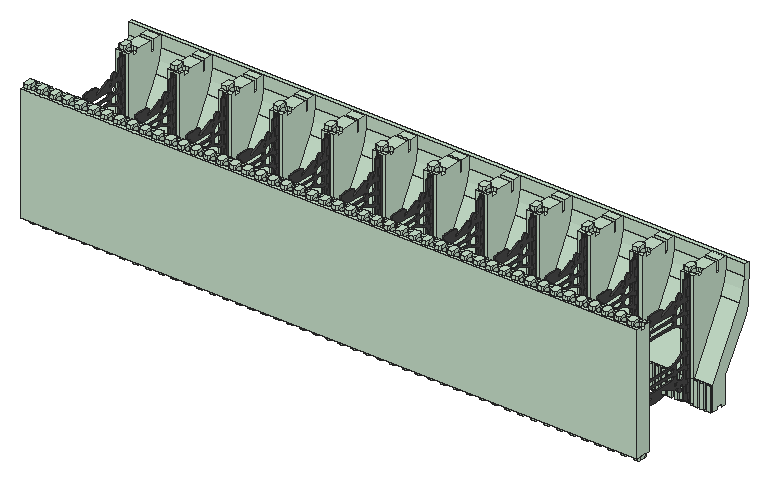
Revit family (continued)
Forms (mm)
  Extrusion 171, solid, material "NUDURA Expanded Polystyrene Foam Insulation"
    sketch origin (0, -0.084, 0) x (1, 0, 0) y (0, 1, 0)
      loop
        line (386.558, 76.2) -> (400.842, 76.2) -> (399.258, 82.55) -> (388.142, 82.55) -> (386.558, 76.2)
      loop
        line (361.158, 76.2) -> (375.442, 76.2) -> (373.858, 82.55) -> (362.742, 82.55) -> (361.158, 76.2)
      loop
        line (335.758, 76.2) -> (350.042, 76.2) -> (348.458, 82.55) -> (337.342, 82.55) -> (335.758, 76.2)
      loop
        line (259.558, 76.2) -> (273.842, 76.2) -> (272.258, 82.55) -> (261.142, 82.55) -> (259.558, 76.2)
      loop
        line (234.158, 76.2) -> (248.442, 76.2) -> (246.858, 82.55) -> (235.742, 82.55) -> (234.158, 76.2)
      loop
        line (208.758, 76.2) -> (223.042, 76.2) -> (221.458, 82.55) -> (210.342, 82.55) -> (208.758, 76.2)
      loop
        line (183.358, 76.2) -> (197.642, 76.2) -> (196.058, 82.55) -> (184.942, 82.55) -> (183.358, 76.2)
      loop
        line (157.958, 76.2) -> (172.242, 76.2) -> (170.658, 82.55) -> (159.542, 82.55) -> (157.958, 76.2)
      loop
        line (132.558, 76.2) -> (146.842, 76.2) -> (145.258, 82.55) -> (134.142, 82.55) -> (132.558, 76.2)
      loop
        line (56.358, 76.2) -> (70.642, 76.2) -> (69.058, 82.55) -> (57.942, 82.55) -> (56.358, 76.2)
      loop
        line (30.958, 76.2) -> (45.242, 76.2) -> (43.658, 82.55) -> (32.542, 82.55) -> (30.958, 76.2)
      loop
        line (5.558, 76.2) -> (19.842, 76.2) -> (18.258, 82.55) -> (7.142, 82.55) -> (5.558, 76.2)
    from 0 to 92.075
Cuts and joins
  Extrusion 2, Extrusion 3, Extrusion 4, Extrusion 5, Extrusion 6, Extrusion 7, Extrusion 8, Extrusion 9, Extrusion 10, Extrusion 11, Extrusion 12, Extrusion 13, Extrusion 14, Extrusion 15, Extrusion 16, Extrusion 17, Extrusion 18, Extrusion 19, Extrusion 20, Extrusion 21, Extrusion 22, Extrusion 23, Extrusion 24, Extrusion 25, Extrusion 26, Extrusion 27, Extrusion 28, Extrusion 29, Extrusion 30, Extrusion 31, Extrusion 32, Extrusion 33, Extrusion 34, Extrusion 35, Extrusion 36, Extrusion 37, Extrusion 38, Extrusion 39, Extrusion 40, Extrusion 41, Extrusion 42, Extrusion 43, Extrusion 44, Extrusion 45, Extrusion 46, Extrusion 47, Extrusion 48, Extrusion 49, Extrusion 62, Extrusion 63, Extrusion 64, Extrusion 65, Extrusion 66, Extrusion 67, Extrusion 68, Extrusion 69, Extrusion 70, Extrusion 71, Extrusion 72, Extrusion 73, Extrusion 74, Extrusion 75, Extrusion 76, Extrusion 77, Extrusion 78, Extrusion 79, Extrusion 80, Extrusion 81, Extrusion 82, Extrusion 83, Extrusion 84, Extrusion 85, Extrusion 86, Extrusion 87, Extrusion 88, Extrusion 89, Extrusion 90, Extrusion 91, Extrusion 92, Extrusion 93, Extrusion 94, Extrusion 95, Extrusion 96, Extrusion 97, Extrusion 98, Extrusion 99, Extrusion 100, Extrusion 101, Extrusion 102, Extrusion 103, Extrusion 104, Extrusion 105, Extrusion 106, Extrusion 107, Extrusion 108, Extrusion 109 cuts Extrusion 1
  Extrusion 50, Extrusion 110, Extrusion 111, Extrusion 112, Extrusion 113, Extrusion 114, Extrusion 115, Extrusion 116, Extrusion 117, Extrusion 118, Extrusion 119, Extrusion 120, Extrusion 121, Extrusion 122, Extrusion 123, Extrusion 124, Extrusion 125, Extrusion 126, Extrusion 127, Extrusion 128, Extrusion 129, Extrusion 130, Extrusion 131, Extrusion 132, Extrusion 133, Extrusion 134, Extrusion 135, Extrusion 136, Extrusion 137, Extrusion 138, Extrusion 139, Extrusion 140, Extrusion 141, Extrusion 142, Extrusion 143, Extrusion 144, Extrusion 145, Extrusion 146, Extrusion 147, Extrusion 148, Extrusion 149, Extrusion 150, Extrusion 151, Extrusion 152, Extrusion 153, Extrusion 154, Extrusion 155, Extrusion 156, Extrusion 157 cuts Extrusion 158
  Extrusion 50 cuts Extrusion 170
  Extrusion 51 cuts Extrusion 169
  Extrusion 52 cuts Extrusion 168
  Extrusion 53 cuts Extrusion 167
  Extrusion 54 cuts Extrusion 166
  Extrusion 55 cuts Extrusion 165
  Extrusion 56 cuts Extrusion 164
  Extrusion 57 cuts Extrusion 163
  Extrusion 58 cuts Extrusion 162
  Extrusion 59 cuts Extrusion 161
  Extrusion 60 cuts Extrusion 160
  Extrusion 61 cuts Extrusion 159
Lines and regions (mm)
  model lines
    curve 1: line (203.2, -295.359, 457.2) -> (203.2, -295.359, 0)
Dimensions and locks
  aligned and locked: level to plane 2
  aligned and locked: level to Extrusion 1
Nested families
  nested 1: "NUDURA Diamond Pattern" at (0, -152.484, 0), type "NUDURA Diamond Pattern"
  nested 2: "NUDURA Diamond Pattern" at (406.4, -152.484, 0), type "NUDURA Diamond Pattern"
  nested 3: "NUDURA Diamond Pattern" at (609.6, -152.484, 0), type "NUDURA Diamond Pattern"
  nested 4: "NUDURA Diamond Pattern" at (1016, -152.484, 0), type "NUDURA Diamond Pattern"
  nested 5: "NUDURA Diamond Pattern" at (1219.2, -152.484, 0), type "NUDURA Diamond Pattern"
  nested 6: "NUDURA Diamond Pattern" at (1625.6, -152.484, 0), type "NUDURA Diamond Pattern"
  nested 7: "NUDURA Diamond Pattern" at (1828.8, -152.484, 0), type "NUDURA Diamond Pattern"
  nested 8: "NUDURA Diamond Pattern" at (2235.2, -152.484, 0), type "NUDURA Diamond Pattern"
  nested 9: "Interlock Tooth" at (0, -152.484, 0), type "Interlock Tooth"
  nested 10: "Interlock Tooth" at (50.8, -152.484, 0), type "Interlock Tooth"
  nested 11: "Interlock Tooth" at (101.6, -152.484, 0), type "Interlock Tooth"
  nested 12: "Interlock Tooth" at (152.4, -152.484, 0), type "Interlock Tooth"
  nested 13: "Interlock Tooth" at (203.2, -152.484, 0), type "Interlock Tooth"
  nested 14: "Interlock Tooth" at (254, -152.484, 0), type "Interlock Tooth"
  nested 15: "Interlock Tooth" at (304.8, -152.484, 0), type "Interlock Tooth"
  nested 16: "Interlock Tooth" at (355.6, -152.484, 0), type "Interlock Tooth"
  nested 17: "Interlock Tooth" at (406.4, -152.484, 0), type "Interlock Tooth"
  nested 18: "Interlock Tooth" at (457.2, -152.484, 0), type "Interlock Tooth"
  nested 19: "Interlock Tooth" at (508, -152.484, 0), type "Interlock Tooth"
  nested 20: "Interlock Tooth" at (558.8, -152.484, 0), type "Interlock Tooth"
  nested 21: "Interlock Tooth" at (609.6, -152.484, 0), type "Interlock Tooth"
  nested 22: "Interlock Tooth" at (660.4, -152.484, 0), type "Interlock Tooth"
  nested 23: "Interlock Tooth" at (711.2, -152.484, 0), type "Interlock Tooth"
  nested 24: "Interlock Tooth" at (762, -152.484, 0), type "Interlock Tooth"
  nested 25: "Interlock Tooth" at (812.8, -152.484, 0), type "Interlock Tooth"
  nested 26: "Interlock Tooth" at (863.6, -152.484, 0), type "Interlock Tooth"
  nested 27: "Interlock Tooth" at (914.4, -152.484, 0), type "Interlock Tooth"
  nested 28: "Interlock Tooth" at (965.2, -152.484, 0), type "Interlock Tooth"
  nested 29: "Interlock Tooth" at (1016, -152.484, 0), type "Interlock Tooth"
  nested 30: "Interlock Tooth" at (1066.8, -152.484, 0), type "Interlock Tooth"
  nested 31: "Interlock Tooth" at (1117.6, -152.484, 0), type "Interlock Tooth"
  nested 32: "Interlock Tooth" at (1168.4, -152.484, 0), type "Interlock Tooth"
  nested 33: "Interlock Tooth" at (1219.2, -152.484, 0), type "Interlock Tooth"
  nested 34: "Interlock Tooth" at (1270, -152.484, 0), type "Interlock Tooth"
  nested 35: "Interlock Tooth" at (1320.8, -152.484, 0), type "Interlock Tooth"
  nested 36: "Interlock Tooth" at (1371.6, -152.484, 0), type "Interlock Tooth"
  nested 37: "Interlock Tooth" at (1422.4, -152.484, 0), type "Interlock Tooth"
  nested 38: "Interlock Tooth" at (1473.2, -152.484, 0), type "Interlock Tooth"
  nested 39: "Interlock Tooth" at (1524, -152.484, 0), type "Interlock Tooth"
  nested 40: "Interlock Tooth" at (1574.8, -152.484, 0), type "Interlock Tooth"
  nested 41: "Interlock Tooth" at (1625.6, -152.484, 0), type "Interlock Tooth"
  nested 42: "Interlock Tooth" at (1676.4, -152.484, 0), type "Interlock Tooth"
  nested 43: "Interlock Tooth" at (1727.2, -152.484, 0), type "Interlock Tooth"
  nested 44: "Interlock Tooth" at (1778, -152.484, 0), type "Interlock Tooth"
  nested 45: "Interlock Tooth" at (1828.8, -152.484, 0), type "Interlock Tooth"
  nested 46: "Interlock Tooth" at (1879.6, -152.484, 0), type "Interlock Tooth"
  nested 47: "Interlock Tooth" at (1930.4, -152.484, 0), type "Interlock Tooth"
  nested 48: "Interlock Tooth" at (1981.2, -152.484, 0), type "Interlock Tooth"
  nested 49: "Interlock Tooth" at (2032, -152.484, 0), type "Interlock Tooth"
  nested 50: "Interlock Tooth" at (2082.8, -152.484, 0), type "Interlock Tooth"
  nested 51: "Interlock Tooth" at (2133.6, -152.484, 0), type "Interlock Tooth"
  nested 52: "Interlock Tooth" at (2184.4, -152.484, 0), type "Interlock Tooth"
  nested 53: "Interlock Tooth" at (2235.2, -152.484, 0), type "Interlock Tooth"
  nested 54: "Interlock Tooth" at (2286, -152.484, 0), type "Interlock Tooth"
  nested 55: "Interlock Tooth" at (2336.8, -152.484, 0), type "Interlock Tooth"
  nested 56: "Interlock Tooth" at (2387.6, -152.484, 0), type "Interlock Tooth"
  nested 57: "Interlock Tooth" at (76.2, 225.341, 0), type "Interlock Tooth"
  nested 58: "Interlock Tooth" at (279.4, 225.341, 0), type "Interlock Tooth"
  nested 59: "Interlock Tooth" at (482.6, 225.341, 0), type "Interlock Tooth"
  nested 60: "Interlock Tooth" at (685.8, 225.341, 0), type "Interlock Tooth"
  nested 61: "Interlock Tooth" at (889, 225.341, 0), type "Interlock Tooth"
  nested 62: "Interlock Tooth" at (1092.2, 225.341, 0), type "Interlock Tooth"
  nested 63: "Interlock Tooth" at (1295.4, 225.341, 0), type "Interlock Tooth"
  nested 64: "Interlock Tooth" at (1498.6, 225.341, 0), type "Interlock Tooth"
  nested 65: "Interlock Tooth" at (1701.8, 225.341, 0), type "Interlock Tooth"
  nested 66: "Interlock Tooth" at (1905, 225.341, 0), type "Interlock Tooth"
  nested 67: "Interlock Tooth" at (2108.2, 225.341, 0), type "Interlock Tooth"
  nested 68: "Interlock Tooth" at (2311.4, 225.341, 0), type "Interlock Tooth"
  nested 69: "Interlock Tooth" at (25.4, -377.909, -469.9), type "Interlock Tooth"
  nested 70: "Interlock Tooth" at (76.2, -377.909, -469.9), type "Interlock Tooth"
  nested 71: "Interlock Tooth" at (127, -377.909, -469.9), type "Interlock Tooth"
  nested 72: "Interlock Tooth" at (177.8, -377.909, -469.9), type "Interlock Tooth"
  nested 73: "Interlock Tooth" at (228.6, -377.909, -469.9), type "Interlock Tooth"
  nested 74: "Interlock Tooth" at (279.4, -377.909, -469.9), type "Interlock Tooth"
  nested 75: "Interlock Tooth" at (330.2, -377.909, -469.9), type "Interlock Tooth"
  nested 76: "Interlock Tooth" at (381, -377.909, -469.9), type "Interlock Tooth"
  nested 77: "Interlock Tooth" at (431.8, -377.909, -469.9), type "Interlock Tooth"
  nested 78: "Interlock Tooth" at (482.6, -377.909, -469.9), type "Interlock Tooth"
  nested 79: "Interlock Tooth" at (533.4, -377.909, -469.9), type "Interlock Tooth"
  nested 80: "Interlock Tooth" at (584.2, -377.909, -469.9), type "Interlock Tooth"
  nested 81: "Interlock Tooth" at (635, -377.909, -469.9), type "Interlock Tooth"
  nested 82: "Interlock Tooth" at (685.8, -377.909, -469.9), type "Interlock Tooth"
  nested 83: "Interlock Tooth" at (736.6, -377.909, -469.9), type "Interlock Tooth"
  nested 84: "Interlock Tooth" at (787.4, -377.909, -469.9), type "Interlock Tooth"
  nested 85: "Interlock Tooth" at (838.2, -377.909, -469.9), type "Interlock Tooth"
  nested 86: "Interlock Tooth" at (889, -377.909, -469.9), type "Interlock Tooth"
  nested 87: "Interlock Tooth" at (939.8, -377.909, -469.9), type "Interlock Tooth"
  nested 88: "Interlock Tooth" at (990.6, -377.909, -469.9), type "Interlock Tooth"
  nested 89: "Interlock Tooth" at (1041.4, -377.909, -469.9), type "Interlock Tooth"
  nested 90: "Interlock Tooth" at (1092.2, -377.909, -469.9), type "Interlock Tooth"
  nested 91: "Interlock Tooth" at (1143, -377.909, -469.9), type "Interlock Tooth"
  nested 92: "Interlock Tooth" at (1193.8, -377.909, -469.9), type "Interlock Tooth"
  nested 93: "Interlock Tooth" at (1244.6, -377.909, -469.9), type "Interlock Tooth"
  nested 94: "Interlock Tooth" at (1295.4, -377.909, -469.9), type "Interlock Tooth"
  nested 95: "Interlock Tooth" at (1346.2, -377.909, -469.9), type "Interlock Tooth"
  nested 96: "Interlock Tooth" at (1397, -377.909, -469.9), type "Interlock Tooth"
  nested 97: "Interlock Tooth" at (1447.8, -377.909, -469.9), type "Interlock Tooth"
  nested 98: "Interlock Tooth" at (1498.6, -377.909, -469.9), type "Interlock Tooth"
  nested 99: "Interlock Tooth" at (1549.4, -377.909, -469.9), type "Interlock Tooth"
  nested 100: "Interlock Tooth" at (1600.2, -377.909, -469.9), type "Interlock Tooth"
  nested 101: "Interlock Tooth" at (1651, -377.909, -469.9), type "Interlock Tooth"
  nested 102: "Interlock Tooth" at (1701.8, -377.909, -469.9), type "Interlock Tooth"
  nested 103: "Interlock Tooth" at (1752.6, -377.909, -469.9), type "Interlock Tooth"
  nested 104: "Interlock Tooth" at (1803.4, -377.909, -469.9), type "Interlock Tooth"
  nested 105: "Interlock Tooth" at (1854.2, -377.909, -469.9), type "Interlock Tooth"
  nested 106: "Interlock Tooth" at (1905, -377.909, -469.9), type "Interlock Tooth"
  nested 107: "Interlock Tooth" at (1955.8, -377.909, -469.9), type "Interlock Tooth"
  nested 108: "Interlock Tooth" at (2006.6, -377.909, -469.9), type "Interlock Tooth"
  nested 109: "Interlock Tooth" at (2057.4, -377.909, -469.9), type "Interlock Tooth"
  nested 110: "Interlock Tooth" at (2108.2, -377.909, -469.9), type "Interlock Tooth"
  nested 111: "Interlock Tooth" at (2159, -377.909, -469.9), type "Interlock Tooth"
  nested 112: "Interlock Tooth" at (2209.8, -377.909, -469.9), type "Interlock Tooth"
  nested 113: "Interlock Tooth" at (2260.6, -377.909, -469.9), type "Interlock Tooth"
  nested 114: "Interlock Tooth" at (2311.4, -377.909, -469.9), type "Interlock Tooth"
  nested 115: "Interlock Tooth" at (2362.2, -377.909, -469.9), type "Interlock Tooth"
  nested 116: "Interlock Tooth" at (2413, -377.909, -469.9), type "Interlock Tooth"
  nested 117: "Interlock Tooth" at (0, -0.084, -469.9), type "Interlock Tooth"
  nested 118: "Interlock Tooth" at (50.8, -0.084, -469.9), type "Interlock Tooth"
  nested 119: "Interlock Tooth" at (101.6, -0.084, -469.9), type "Interlock Tooth"
  nested 120: "Interlock Tooth" at (152.4, -0.084, -469.9), type "Interlock Tooth"
  nested 121: "Interlock Tooth" at (203.2, -0.084, -469.9), type "Interlock Tooth"
  nested 122: "Interlock Tooth" at (254, -0.084, -469.9), type "Interlock Tooth"
  nested 123: "Interlock Tooth" at (304.8, -0.084, -469.9), type "Interlock Tooth"
  nested 124: "Interlock Tooth" at (355.6, -0.084, -469.9), type "Interlock Tooth"
  nested 125: "Interlock Tooth" at (406.4, -0.084, -469.9), type "Interlock Tooth"
  nested 126: "Interlock Tooth" at (457.2, -0.084, -469.9), type "Interlock Tooth"
  nested 127: "Interlock Tooth" at (508, -0.084, -469.9), type "Interlock Tooth"
  nested 128: "Interlock Tooth" at (558.8, -0.084, -469.9), type "Interlock Tooth"
  nested 129: "Interlock Tooth" at (609.6, -0.084, -469.9), type "Interlock Tooth"
  nested 130: "Interlock Tooth" at (660.4, -0.084, -469.9), type "Interlock Tooth"
  nested 131: "Interlock Tooth" at (711.2, -0.084, -469.9), type "Interlock Tooth"
  nested 132: "Interlock Tooth" at (762, -0.084, -469.9), type "Interlock Tooth"
  nested 133: "Interlock Tooth" at (812.8, -0.084, -469.9), type "Interlock Tooth"
  nested 134: "Interlock Tooth" at (863.6, -0.084, -469.9), type "Interlock Tooth"
  nested 135: "Interlock Tooth" at (914.4, -0.084, -469.9), type "Interlock Tooth"
  nested 136: "Interlock Tooth" at (965.2, -0.084, -469.9), type "Interlock Tooth"
  nested 137: "Interlock Tooth" at (1016, -0.084, -469.9), type "Interlock Tooth"
  nested 138: "Interlock Tooth" at (1066.8, -0.084, -469.9), type "Interlock Tooth"
  nested 139: "Interlock Tooth" at (1117.6, -0.084, -469.9), type "Interlock Tooth"
  nested 140: "Interlock Tooth" at (1168.4, -0.084, -469.9), type "Interlock Tooth"
  nested 141: "Interlock Tooth" at (1219.2, -0.084, -469.9), type "Interlock Tooth"
  nested 142: "Interlock Tooth" at (1270, -0.084, -469.9), type "Interlock Tooth"
  nested 143: "Interlock Tooth" at (1320.8, -0.084, -469.9), type "Interlock Tooth"
  nested 144: "Interlock Tooth" at (1371.6, -0.084, -469.9), type "Interlock Tooth"
  nested 145: "Interlock Tooth" at (1422.4, -0.084, -469.9), type "Interlock Tooth"
  nested 146: "Interlock Tooth" at (1473.2, -0.084, -469.9), type "Interlock Tooth"
  nested 147: "Interlock Tooth" at (1524, -0.084, -469.9), type "Interlock Tooth"
  nested 148: "Interlock Tooth" at (1574.8, -0.084, -469.9), type "Interlock Tooth"
  nested 149: "Interlock Tooth" at (1625.6, -0.084, -469.9), type "Interlock Tooth"
  nested 150: "Interlock Tooth" at (1676.4, -0.084, -469.9), type "Interlock Tooth"
  nested 151: "Interlock Tooth" at (1727.2, -0.084, -469.9), type "Interlock Tooth"
  nested 152: "Interlock Tooth" at (1778, -0.084, -469.9), type "Interlock Tooth"
  nested 153: "Interlock Tooth" at (1828.8, -0.084, -469.9), type "Interlock Tooth"
  nested 154: "Interlock Tooth" at (1879.6, -0.084, -469.9), type "Interlock Tooth"
  nested 155: "Interlock Tooth" at (1930.4, -0.084, -469.9), type "Interlock Tooth"
  nested 156: "Interlock Tooth" at (1981.2, -0.084, -469.9), type "Interlock Tooth"
  nested 157: "Interlock Tooth" at (2032, -0.084, -469.9), type "Interlock Tooth"
  nested 158: "Interlock Tooth" at (2082.8, -0.084, -469.9), type "Interlock Tooth"
  nested 159: "Interlock Tooth" at (2133.6, -0.084, -469.9), type "Interlock Tooth"
  nested 160: "Interlock Tooth" at (2184.4, -0.084, -469.9), type "Interlock Tooth"
  nested 161: "Interlock Tooth" at (2235.2, -0.084, -469.9), type "Interlock Tooth"
  nested 162: "Interlock Tooth" at (2286, -0.084, -469.9), type "Interlock Tooth"
  nested 163: "Interlock Tooth" at (2336.8, -0.084, -469.9), type "Interlock Tooth"
  nested 164: "Interlock Tooth" at (2387.6, -0.084, -469.9), type "Interlock Tooth"
  nested 165: "NUDURA Logo Diamond" at (0, -295.359, 0), type "NUDURA Logo Diamond"
  nested 166: "NUDURA Logo Diamond" at (609.6, -295.359, 0), type "NUDURA Logo Diamond"
  nested 167: "NUDURA Logo Diamond" at (1219.2, -295.359, 0), type "NUDURA Logo Diamond"
  nested 168: "NUDURA Logo Diamond" at (1828.8, -295.359, 0), type "NUDURA Logo Diamond"
  nested 169: "NUDURA Brick Ledge Diamond Pattern" at (2235.2, 285.666, 0), type "NUDURA Brick Ledge Diamond Pattern"
  nested 170: "NUDURA Brick Ledge Diamond Pattern" at (2032, 285.666, 0), type "NUDURA Brick Ledge Diamond Pattern"
  nested 171: "NUDURA Brick Ledge Diamond Pattern" at (1828.8, 285.666, 0), type "NUDURA Brick Ledge Diamond Pattern"
  nested 172: "NUDURA Brick Ledge Diamond Pattern" at (1625.6, 285.666, 0), type "NUDURA Brick Ledge Diamond Pattern"
  nested 173: "NUDURA Brick Ledge Diamond Pattern" at (1422.4, 285.666, 0), type "NUDURA Brick Ledge Diamond Pattern"
  nested 174: "NUDURA Brick Ledge Diamond Pattern" at (1219.2, 285.666, 0), type "NUDURA Brick Ledge Diamond Pattern"
  nested 175: "NUDURA Brick Ledge Diamond Pattern" at (1016, 285.666, 0), type "NUDURA Brick Ledge Diamond Pattern"
  nested 176: "NUDURA Brick Ledge Diamond Pattern" at (812.8, 285.666, 0), type "NUDURA Brick Ledge Diamond Pattern"
  nested 177: "NUDURA Brick Ledge Diamond Pattern" at (609.6, 285.666, 0), type "NUDURA Brick Ledge Diamond Pattern"
  nested 178: "NUDURA Brick Ledge Diamond Pattern" at (406.4, 285.666, 0), type "NUDURA Brick Ledge Diamond Pattern"
  nested 179: "NUDURA Brick Ledge Diamond Pattern" at (203.2, 285.666, 0), type "NUDURA Brick Ledge Diamond Pattern"
  nested 180: "NUDURA Brick Ledge Diamond Pattern" at (0, 285.666, 0), type "NUDURA Brick Ledge Diamond Pattern"
  nested 181: "12-inch Insert Web" at (101.6, -76.284, 0), type "12-inch Insert Web"
  nested 182: "12-inch Insert Web" at (304.8, -76.284, 0), type "12-inch Insert Web"
  nested 183: "12-inch Insert Web" at (508, -76.284, 0), type "12-inch Insert Web"
  nested 184: "12-inch Insert Web" at (711.2, -76.284, 0), type "12-inch Insert Web"
  nested 185: "12-inch Insert Web" at (914.4, -76.284, 0), type "12-inch Insert Web"
  nested 186: "12-inch Insert Web" at (1117.6, -76.284, 0), type "12-inch Insert Web"
  nested 187: "12-inch Insert Web" at (1320.8, -76.284, 0), type "12-inch Insert Web"
  nested 188: "12-inch Insert Web" at (1524, -76.284, 0), type "12-inch Insert Web"
  nested 189: "12-inch Insert Web" at (1727.2, -76.284, 0), type "12-inch Insert Web"
  nested 190: "12-inch Insert Web" at (1930.4, -76.284, 0), type "12-inch Insert Web"
  nested 191: "12-inch Insert Web" at (2133.6, -76.284, 0), type "12-inch Insert Web"
  nested 192: "12-inch Insert Web" at (2336.8, -76.284, 0), type "12-inch Insert Web"
Definition of nested family "Interlock Tooth"
  Reference planes
    plane 1 "Center (Front/Back)": y = 0
    plane 2: z = 0
    plane 3 "Center (Left/Right)": x = 0
    plane 4: z = 457.2
    plane 5: z = 469.9
    plane 6: z = -12.7
  Forms (mm)
    Extrusion 1, solid, material "NUDURA Expanded Polystyrene Foam Insulation"
      sketch origin (0, -225.425, 0) x (1, 0, 0) y (0, 1, 0)
        loop
          arc (0, 101.014) -> (1.215, 97.278) -> (4.396, 94.972) r 6.35
          arc (4.396, 94.972) -> (12.7, 93.663) -> (21.004, 94.972) r 26.988
          arc (21.004, 94.972) -> (24.185, 97.278) -> (25.4, 101.014) r 6.35
          line (25.4, 101.014) -> (25.4, 124.411)
          arc (25.4, 124.411) -> (24.185, 128.147) -> (21.004, 130.453) r 6.35
          arc (21.004, 130.453) -> (12.7, 131.763) -> (4.396, 130.453) r 26.987
          arc (4.396, 130.453) -> (1.215, 128.147) -> (0, 124.411) r 6.35
          line (0, 124.411) -> (0, 101.014)
      from 457.2 to 469.9
  Dimensions and locks
    locked: plane 4 to level at 457.2
    locked: plane 4 to plane 5 at 12.7
    locked: plane 6 to level at 12.7
Definition of nested family "12-inch Insert Web"
  Reference planes
    plane 1 "Center (Front/Back)": y = 0
    plane 2: z = 0
    plane 3 "Center (Left/Right)": x = 0
  Forms (mm)
    Extrusion 1, solid, material "High Density Polystyrene"
      sketch origin (0, 0, 0) x (0, 1, 0) y (0, 0, 1)
        loop
          line (158.75, 0) -> (158.75, 450.744)
          arc (158.75, 450.744) -> (158.017, 450.243) -> (157.734, 449.4) r 1.397
          line (157.734, 449.4) -> (157.734, 1.344)
          arc (157.734, 1.344) -> (158.017, 0.502) -> (158.75, 0) r 1.397
        loop
          arc (-158.75, 0) -> (-158.017, 0.502) -> (-157.734, 1.344) r 1.397
          line (-157.734, 1.344) -> (-157.734, 449.4)
          arc (-157.734, 449.4) -> (-158.017, 450.243) -> (-158.75, 450.744) r 1.397
          line (-158.75, 450.744) -> (-158.75, 0)
      from 9.227 to -9.227
    Extrusion 2, solid, material "High Density Polystyrene"
      sketch origin (0, 0, 0) x (0, 1, 0) y (0, 0, 1)
        loop
          arc (157.198, 442.16) -> (157.575, 442.021) -> (157.734, 441.652) r 0.508
          line (157.734, 441.652) -> (157.734, 447.972)
          arc (157.734, 447.972) -> (157.629, 447.585) -> (157.342, 447.306) r 0.762
          line (157.342, 447.306) -> (155.586, 446.33)
          arc (155.586, 446.33) -> (155.299, 446.05) -> (155.194, 445.664) r 0.762
          line (155.194, 445.664) -> (155.194, 442.585)
          arc (155.194, 442.585) -> (155.353, 442.216) -> (155.73, 442.078) r 0.508
          line (155.73, 442.078) -> (157.198, 442.16)
        loop
          line (-155.586, 446.33) -> (-157.342, 447.306)
          arc (-157.342, 447.306) -> (-157.629, 447.585) -> (-157.734, 447.972) r 0.762
          line (-157.734, 447.972) -> (-157.734, 441.652)
          arc (-157.734, 441.652) -> (-157.575, 442.021) -> (-157.198, 442.16) r 0.508
          line (-157.198, 442.16) -> (-155.73, 442.078)
          arc (-155.73, 442.078) -> (-155.353, 442.216) -> (-155.194, 442.585) r 0.508
          line (-155.194, 442.585) -> (-155.194, 445.664)
          arc (-155.194, 445.664) -> (-155.299, 446.05) -> (-155.586, 446.33) r 0.762
        loop
          line (157.198, 8.585) -> (155.73, 8.666)
          arc (155.73, 8.666) -> (155.353, 8.528) -> (155.194, 8.159) r 0.508
          line (155.194, 8.159) -> (155.194, 5.08)
          arc (155.194, 5.08) -> (155.299, 4.694) -> (155.586, 4.414) r 0.762
          line (155.586, 4.414) -> (157.342, 3.439)
          arc (157.342, 3.439) -> (157.629, 3.159) -> (157.734, 2.772) r 0.762
          line (157.734, 2.772) -> (157.734, 9.092)
          arc (157.734, 9.092) -> (157.575, 8.723) -> (157.198, 8.585) r 0.508
        loop
          arc (-155.586, 4.414) -> (-155.299, 4.694) -> (-155.194, 5.08) r 0.762
          line (-155.194, 5.08) -> (-155.194, 8.159)
          arc (-155.194, 8.159) -> (-155.353, 8.528) -> (-155.73, 8.666) r 0.508
          line (-155.73, 8.666) -> (-157.198, 8.585)
          arc (-157.198, 8.585) -> (-157.575, 8.723) -> (-157.734, 9.092) r 0.508
          line (-157.734, 9.092) -> (-157.734, 2.772)
          arc (-157.734, 2.772) -> (-157.629, 3.159) -> (-157.342, 3.439) r 0.762
          line (-157.342, 3.439) -> (-155.586, 4.414)
        loop
          line (152.4, 437.076) -> (150.495, 442.918)
          arc (150.495, 442.918) -> (149.225, 443.68) -> (147.955, 442.918) r 1.439
          line (147.955, 442.918) -> (146.713, 439.108) -> (143.483, 439.108)
          arc (143.483, 439.108) -> (142.604, 438.744) -> (142.24, 437.865) r 1.243
          line (142.24, 437.865) -> (142.24, 437.076) -> (139.7, 437.076) -> (139.7, 400.201)
          arc (139.7, 400.201) -> (137.944, 393.421) -> (133.118, 388.345) r 13.97
          arc (133.118, 388.345) -> (131.885, 386.915) -> (131.681, 385.039) r 3.175
          arc (131.681, 385.039) -> (120.376, 376.743) -> (121.202, 390.741) r 7.747
          arc (121.202, 390.741) -> (124.314, 398.005) -> (117.05, 401.117) r 5.588
          arc (117.05, 401.117) -> (108.059, 393.619) -> (105.199, 382.266) r 18.923
          arc (105.199, 382.266) -> (104.091, 371.727) -> (100.821, 361.646) r 50.8
          arc (100.821, 361.646) -> (88.144, 361.552) -> (92.35, 373.51) r 7.747
          arc (92.35, 373.51) -> (96.234, 381.929) -> (87.311, 384.447) r 6.096
          line (87.311, 384.447) -> (33.279, 359.063)
          arc (33.279, 359.063) -> (22.267, 362.762) -> (27.306, 373.229) r 7.747
          arc (27.306, 373.229) -> (31.748, 378.927) -> (27.631, 384.864) r 6.096
          arc (27.631, 384.864) -> (19.507, 386.918) -> (11.157, 387.609) r 50.8
          line (11.157, 387.609) -> (0, 387.609) -> (-11.157, 387.609)
          arc (-11.157, 387.609) -> (-19.507, 386.918) -> (-27.631, 384.864) r 50.8
          arc (-27.631, 384.864) -> (-31.748, 378.927) -> (-27.306, 373.229) r 6.096
          arc (-27.306, 373.229) -> (-22.267, 362.762) -> (-33.279, 359.063) r 7.747
          line (-33.279, 359.063) -> (-87.311, 384.447)
          arc (-87.311, 384.447) -> (-96.234, 381.929) -> (-92.35, 373.51) r 6.096
          arc (-92.35, 373.51) -> (-88.144, 361.552) -> (-100.821, 361.646) r 7.747
          arc (-100.821, 361.646) -> (-104.091, 371.727) -> (-105.199, 382.266) r 50.8
          arc (-105.199, 382.266) -> (-108.059, 393.619) -> (-117.05, 401.117) r 18.923
          arc (-117.05, 401.117) -> (-124.314, 398.005) -> (-121.202, 390.741) r 5.588
          arc (-121.202, 390.741) -> (-120.376, 376.743) -> (-131.681, 385.039) r 7.747
          arc (-131.681, 385.039) -> (-131.885, 386.915) -> (-133.118, 388.345) r 3.175
          arc (-133.118, 388.345) -> (-137.944, 393.421) -> (-139.7, 400.201) r 13.97
          line (-139.7, 400.201) -> (-139.7, 437.076) -> (-142.24, 437.076) -> (-142.24, 437.865)
          arc (-142.24, 437.865) -> (-142.604, 438.744) -> (-143.483, 439.108) r 1.243
          line (-143.483, 439.108) -> (-146.713, 439.108) -> (-147.955, 442.918)
          arc (-147.955, 442.918) -> (-149.225, 443.68) -> (-150.495, 442.918) r 1.439
          line (-150.495, 442.918) -> (-152.4, 437.076) -> (-152.4, 16.896) -> (-150.495, 11.054)
          arc (-150.495, 11.054) -> (-149.225, 10.292) -> (-147.955, 11.054) r 1.439
          line (-147.955, 11.054) -> (-146.713, 14.864) -> (-143.483, 14.864)
          arc (-143.483, 14.864) -> (-142.604, 15.228) -> (-142.24, 16.107) r 1.243
          line (-142.24, 16.107) -> (-142.24, 16.896) -> (-139.7, 16.896) -> (-139.7, 56.999)
          arc (-139.7, 56.999) -> (-137.944, 63.779) -> (-133.118, 68.855) r 13.97
          arc (-133.118, 68.855) -> (-131.885, 70.285) -> (-131.681, 72.161) r 3.175
          arc (-131.681, 72.161) -> (-120.376, 80.457) -> (-121.202, 66.459) r 7.747
          arc (-121.202, 66.459) -> (-124.314, 59.195) -> (-117.05, 56.083) r 5.588
          arc (-117.05, 56.083) -> (-108.059, 63.581) -> (-105.199, 74.934) r 18.923
          arc (-105.199, 74.934) -> (-104.091, 85.473) -> (-100.821, 95.554) r 50.8
          arc (-100.821, 95.554) -> (-88.144, 95.648) -> (-92.35, 83.69) r 7.747
          arc (-92.35, 83.69) -> (-96.234, 75.271) -> (-87.311, 72.753) r 6.096
          line (-87.311, 72.753) -> (-33.279, 98.137)
          arc (-33.279, 98.137) -> (-22.267, 94.438) -> (-27.306, 83.971) r 7.747
          arc (-27.306, 83.971) -> (-31.748, 78.273) -> (-27.631, 72.336) r 6.096
          arc (-27.631, 72.336) -> (-19.507, 70.282) -> (-11.157, 69.591) r 50.8
          line (-11.157, 69.591) -> (0, 69.591) -> (11.157, 69.591)
          arc (11.157, 69.591) -> (19.507, 70.282) -> (27.631, 72.336) r 50.8
          arc (27.631, 72.336) -> (31.748, 78.273) -> (27.306, 83.971) r 6.096
          arc (27.306, 83.971) -> (22.267, 94.438) -> (33.279, 98.137) r 7.747
          line (33.279, 98.137) -> (87.311, 72.753)
          arc (87.311, 72.753) -> (96.234, 75.271) -> (92.35, 83.69) r 6.096
          arc (92.35, 83.69) -> (88.144, 95.648) -> (100.821, 95.554) r 7.747
          arc (100.821, 95.554) -> (104.091, 85.473) -> (105.199, 74.934) r 50.8
          arc (105.199, 74.934) -> (108.059, 63.581) -> (117.05, 56.083) r 18.923
          arc (117.05, 56.083) -> (124.314, 59.195) -> (121.202, 66.459) r 5.588
          arc (121.202, 66.459) -> (120.376, 80.457) -> (131.681, 72.161) r 7.747
          arc (131.681, 72.161) -> (131.885, 70.285) -> (133.118, 68.855) r 3.175
          arc (133.118, 68.855) -> (137.944, 63.779) -> (139.7, 56.999) r 13.97
          line (139.7, 56.999) -> (139.7, 16.896) -> (142.24, 16.896) -> (142.24, 16.107)
          arc (142.24, 16.107) -> (142.604, 15.228) -> (143.483, 14.864) r 1.243
          line (143.483, 14.864) -> (146.713, 14.864) -> (147.955, 11.054)
          arc (147.955, 11.054) -> (149.225, 10.292) -> (150.495, 11.054) r 1.439
          line (150.495, 11.054) -> (152.4, 16.896) -> (152.4, 437.076)
        loop
          arc (76.789, 109.017) -> (80.328, 108.908) -> (83.853, 108.579) r 57.15
          arc (83.853, 108.579) -> (88.43, 112.104) -> (91.44, 117.034) r 15.855
          line (91.44, 117.034) -> (91.44, 120.234)
          arc (91.44, 120.234) -> (87.76, 126.064) -> (81.935, 129.752) r 15.684
          line (81.935, 129.752) -> (0, 129.752) -> (-81.935, 129.752)
          arc (-81.935, 129.752) -> (-87.76, 126.064) -> (-91.44, 120.234) r 15.684
          line (-91.44, 120.234) -> (-91.44, 117.034)
          arc (-91.44, 117.034) -> (-88.43, 112.104) -> (-83.853, 108.579) r 15.855
          arc (-83.853, 108.579) -> (-80.328, 108.908) -> (-76.789, 109.017) r 57.15
          line (-76.789, 109.017) -> (0, 109.017) -> (76.789, 109.017)
        loop
          line (103.837, 102.318) -> (126.138, 91.881)
          arc (126.138, 91.881) -> (135.287, 92.471) -> (139.7, 100.508) r 9.525
          line (139.7, 100.508) -> (139.7, 113.887)
          arc (139.7, 113.887) -> (135.05, 125.112) -> (123.825, 129.762) r 15.875
          line (123.825, 129.762) -> (109.22, 129.762)
          arc (109.22, 129.762) -> (100.24, 126.042) -> (96.52, 117.062) r 12.7
          line (96.52, 117.062) -> (96.52, 113.82)
          arc (96.52, 113.82) -> (98.504, 107.004) -> (103.837, 102.318) r 12.7
        loop
          line (139.7, 150.209) -> (139.7, 163.588)
          arc (139.7, 163.588) -> (135.287, 171.625) -> (126.138, 172.215) r 9.525
          line (126.138, 172.215) -> (103.837, 161.778)
          arc (103.837, 161.778) -> (98.504, 157.092) -> (96.52, 150.275) r 12.7
          line (96.52, 150.275) -> (96.52, 147.034)
          arc (96.52, 147.034) -> (100.24, 138.054) -> (109.22, 134.334) r 12.7
          line (109.22, 134.334) -> (123.825, 134.334)
          arc (123.825, 134.334) -> (135.05, 138.984) -> (139.7, 150.209) r 15.875
        loop
          arc (83.851, 155.504) -> (80.337, 155.178) -> (76.81, 155.069) r 57.15
          line (76.81, 155.069) -> (0, 155.069) -> (-76.81, 155.069)
          arc (-76.81, 155.069) -> (-80.337, 155.178) -> (-83.851, 155.504) r 57.15
          arc (-83.851, 155.504) -> (-88.429, 151.979) -> (-91.44, 147.048) r 15.855
          line (-91.44, 147.048) -> (-91.44, 143.849)
          arc (-91.44, 143.849) -> (-87.752, 138.012) -> (-81.915, 134.324) r 15.684
          line (-81.915, 134.324) -> (0, 134.324) -> (81.915, 134.324)
          arc (81.915, 134.324) -> (87.752, 138.012) -> (91.44, 143.849) r 15.684
          line (91.44, 143.849) -> (91.44, 147.048)
          arc (91.44, 147.048) -> (88.429, 151.979) -> (83.851, 155.504) r 15.855
        loop
          arc (-103.837, 102.318) -> (-98.504, 107.004) -> (-96.52, 113.82) r 12.7
          line (-96.52, 113.82) -> (-96.52, 117.062)
          arc (-96.52, 117.062) -> (-100.24, 126.042) -> (-109.22, 129.762) r 12.7
          line (-109.22, 129.762) -> (-123.825, 129.762)
          arc (-123.825, 129.762) -> (-135.05, 125.112) -> (-139.7, 113.887) r 15.875
          line (-139.7, 113.887) -> (-139.7, 100.508)
          arc (-139.7, 100.508) -> (-135.287, 92.471) -> (-126.138, 91.881) r 9.525
          line (-126.138, 91.881) -> (-103.837, 102.318)
        loop
          arc (-139.7, 150.209) -> (-135.05, 138.984) -> (-123.825, 134.334) r 15.875
          line (-123.825, 134.334) -> (-109.22, 134.334)
          arc (-109.22, 134.334) -> (-100.24, 138.054) -> (-96.52, 147.034) r 12.7
          line (-96.52, 147.034) -> (-96.52, 150.275)
          arc (-96.52, 150.275) -> (-98.504, 157.092) -> (-103.837, 161.778) r 12.7
          line (-103.837, 161.778) -> (-126.138, 172.215)
          arc (-126.138, 172.215) -> (-135.287, 171.625) -> (-139.7, 163.588) r 9.525
          line (-139.7, 163.588) -> (-139.7, 150.209)
        loop
          line (139.7, 191.688) -> (139.7, 220.666) -> (136.652, 225.746) -> (136.652, 228.6) -> (136.652, 231.454) -> (139.7, 236.534) -> (139.7, 265.512)
          arc (139.7, 265.512) -> (137.716, 272.328) -> (132.383, 277.014) r 12.7
          line (132.383, 277.014) -> (100.425, 291.971)
          arc (100.425, 291.971) -> (88.608, 295.996) -> (76.2, 297.359) r 57.15
          line (76.2, 297.359) -> (0, 297.359) -> (-76.2, 297.359)
          arc (-76.2, 297.359) -> (-88.608, 295.996) -> (-100.425, 291.971) r 57.15
          line (-100.425, 291.971) -> (-132.383, 277.014)
          arc (-132.383, 277.014) -> (-137.716, 272.328) -> (-139.7, 265.512) r 12.7
          line (-139.7, 265.512) -> (-139.7, 236.534) -> (-136.652, 231.454) -> (-136.652, 228.6) -> (-136.652, 225.746) -> (-139.7, 220.666) -> (-139.7, 191.688)
          arc (-139.7, 191.688) -> (-137.716, 184.872) -> (-132.383, 180.186) r 12.7
          line (-132.383, 180.186) -> (-100.425, 165.229)
          arc (-100.425, 165.229) -> (-88.608, 161.204) -> (-76.2, 159.841) r 57.15
          line (-76.2, 159.841) -> (0, 159.841) -> (76.2, 159.841)
          arc (76.2, 159.841) -> (88.608, 161.204) -> (100.425, 165.229) r 57.15
          line (100.425, 165.229) -> (132.383, 180.186)
          arc (132.383, 180.186) -> (137.716, 184.872) -> (139.7, 191.688) r 12.7
        loop
          line (76.789, 348.183) -> (0, 348.183) -> (-76.789, 348.183)
          arc (-76.789, 348.183) -> (-80.328, 348.292) -> (-83.853, 348.621) r 57.15
          arc (-83.853, 348.621) -> (-88.43, 345.096) -> (-91.44, 340.166) r 15.855
          line (-91.44, 340.166) -> (-91.44, 336.966)
          arc (-91.44, 336.966) -> (-87.76, 331.136) -> (-81.935, 327.448) r 15.684
          line (-81.935, 327.448) -> (0, 327.448) -> (81.935, 327.448)
          arc (81.935, 327.448) -> (87.76, 331.136) -> (91.44, 336.966) r 15.684
          line (91.44, 336.966) -> (91.44, 340.166)
          arc (91.44, 340.166) -> (88.43, 345.096) -> (83.853, 348.621) r 15.855
          arc (83.853, 348.621) -> (80.328, 348.292) -> (76.789, 348.183) r 57.15
        loop
          arc (103.837, 354.882) -> (98.504, 350.196) -> (96.52, 343.38) r 12.7
          line (96.52, 343.38) -> (96.52, 340.138)
          arc (96.52, 340.138) -> (100.24, 331.158) -> (109.22, 327.438) r 12.7
          line (109.22, 327.438) -> (123.825, 327.438)
          arc (123.825, 327.438) -> (135.05, 332.088) -> (139.7, 343.313) r 15.875
          line (139.7, 343.313) -> (139.7, 356.692)
          arc (139.7, 356.692) -> (135.287, 364.729) -> (126.138, 365.319) r 9.525
          line (126.138, 365.319) -> (103.837, 354.882)
        loop
          arc (139.7, 306.991) -> (135.05, 318.216) -> (123.825, 322.866) r 15.875
          line (123.825, 322.866) -> (109.22, 322.866)
          arc (109.22, 322.866) -> (100.24, 319.146) -> (96.52, 310.166) r 12.7
          line (96.52, 310.166) -> (96.52, 306.925)
          arc (96.52, 306.925) -> (98.504, 300.108) -> (103.837, 295.422) r 12.7
          line (103.837, 295.422) -> (126.138, 284.985)
          arc (126.138, 284.985) -> (135.287, 285.575) -> (139.7, 293.612) r 9.525
          line (139.7, 293.612) -> (139.7, 306.991)
        loop
          arc (83.851, 301.696) -> (88.429, 305.221) -> (91.44, 310.152) r 15.855
          line (91.44, 310.152) -> (91.44, 313.351)
          arc (91.44, 313.351) -> (87.752, 319.188) -> (81.915, 322.876) r 15.684
          line (81.915, 322.876) -> (0, 322.876) -> (-81.915, 322.876)
          arc (-81.915, 322.876) -> (-87.752, 319.188) -> (-91.44, 313.351) r 15.684
          line (-91.44, 313.351) -> (-91.44, 310.152)
          arc (-91.44, 310.152) -> (-88.429, 305.221) -> (-83.851, 301.696) r 15.855
          arc (-83.851, 301.696) -> (-80.337, 302.022) -> (-76.81, 302.131) r 57.15
          line (-76.81, 302.131) -> (0, 302.131) -> (76.81, 302.131)
          arc (76.81, 302.131) -> (80.337, 302.022) -> (83.851, 301.696) r 57.15
        loop
          line (-103.837, 354.882) -> (-126.138, 365.319)
          arc (-126.138, 365.319) -> (-135.287, 364.729) -> (-139.7, 356.692) r 9.525
          line (-139.7, 356.692) -> (-139.7, 343.313)
          arc (-139.7, 343.313) -> (-135.05, 332.088) -> (-123.825, 327.438) r 15.875
          line (-123.825, 327.438) -> (-109.22, 327.438)
          arc (-109.22, 327.438) -> (-100.24, 331.158) -> (-96.52, 340.138) r 12.7
          line (-96.52, 340.138) -> (-96.52, 343.38)
          arc (-96.52, 343.38) -> (-98.504, 350.196) -> (-103.837, 354.882) r 12.7
        loop
          line (-139.7, 306.991) -> (-139.7, 293.612)
          arc (-139.7, 293.612) -> (-135.287, 285.575) -> (-126.138, 284.985) r 9.525
          line (-126.138, 284.985) -> (-103.837, 295.422)
          arc (-103.837, 295.422) -> (-98.504, 300.108) -> (-96.52, 306.925) r 12.7
          line (-96.52, 306.925) -> (-96.52, 310.166)
          arc (-96.52, 310.166) -> (-100.24, 319.146) -> (-109.22, 322.866) r 12.7
          line (-109.22, 322.866) -> (-123.825, 322.866)
          arc (-123.825, 322.866) -> (-135.05, 318.216) -> (-139.7, 306.991) r 15.875
      from 3.175 to -3.175
    Extrusion 3, solid, material "High Density Polystyrene"
      sketch origin (0, 0, 0) x (0, 1, 0) y (0, 0, 1)
        loop
          line (157.734, 410.919) -> (145.034, 410.919) -> (145.034, 380.439) -> (157.734, 380.439) -> (157.734, 410.919)
        loop
          line (157.734, 361.389) -> (145.034, 361.389) -> (145.034, 330.909) -> (157.734, 330.909) -> (157.734, 361.389)
        loop
          line (157.734, 311.859) -> (145.034, 311.859) -> (145.034, 281.379) -> (157.734, 281.379) -> (157.734, 311.859)
        loop
          line (157.734, 262.329) -> (145.034, 262.329) -> (145.034, 234.897) -> (157.734, 234.897) -> (157.734, 262.329)
        loop
          line (157.734, 215.847) -> (145.034, 215.847) -> (145.034, 188.415) -> (157.734, 188.415) -> (157.734, 215.847)
        loop
          line (157.734, 169.365) -> (145.034, 169.365) -> (145.034, 138.885) -> (157.734, 138.885) -> (157.734, 169.365)
        loop
          line (157.734, 119.835) -> (145.034, 119.835) -> (145.034, 89.355) -> (157.734, 89.355) -> (157.734, 119.835)
        loop
          line (157.734, 70.305) -> (145.034, 70.305) -> (145.034, 39.825) -> (157.734, 39.825) -> (157.734, 70.305)
        loop
          line (-157.734, 410.919) -> (-157.734, 380.439) -> (-145.034, 380.439) -> (-145.034, 410.919) -> (-157.734, 410.919)
        loop
          line (-157.734, 361.389) -> (-157.734, 330.909) -> (-145.034, 330.909) -> (-145.034, 361.389) -> (-157.734, 361.389)
        loop
          line (-157.734, 311.859) -> (-157.734, 281.379) -> (-145.034, 281.379) -> (-145.034, 311.859) -> (-157.734, 311.859)
        loop
          line (-157.734, 262.329) -> (-157.734, 234.897) -> (-145.034, 234.897) -> (-145.034, 262.329) -> (-157.734, 262.329)
        loop
          line (-157.734, 215.847) -> (-157.734, 188.415) -> (-145.034, 188.415) -> (-145.034, 215.847) -> (-157.734, 215.847)
        loop
          line (-157.734, 169.365) -> (-157.734, 138.885) -> (-145.034, 138.885) -> (-145.034, 169.365) -> (-157.734, 169.365)
        loop
          line (-157.734, 119.835) -> (-157.734, 89.355) -> (-145.034, 89.355) -> (-145.034, 119.835) -> (-157.734, 119.835)
        loop
          line (-157.734, 70.305) -> (-157.734, 39.825) -> (-145.034, 39.825) -> (-145.034, 70.305) -> (-157.734, 70.305)
      from 6.35 to -6.35
    Extrusion 4, void
      sketch origin (0, 76.2, 0) x (1, 0, 0) y (0, 1, 0)
        loop
          line (-6.35, 70.929) -> (-6.35, 68.834) -> (-4.255, 68.834)
          arc (-4.255, 68.834) -> (-5.736, 69.448) -> (-6.35, 70.929) r 2.095
      from 0 to 457.2
    Extrusion 5, void
      sketch origin (0, 76.2, 0) x (-1, 0, 0) y (0, -1, 0)
        loop
          arc (-6.35, -70.929) -> (-5.736, -69.448) -> (-4.255, -68.834) r 2.095
          line (-4.255, -68.834) -> (-6.35, -68.834) -> (-6.35, -70.929)
      from 0 to 457.2
    Extrusion 6, void
      sketch origin (0, -76.2, 0) x (1, 0, 0) y (0, 1, 0)
        loop
          arc (-6.35, -70.929) -> (-5.736, -69.448) -> (-4.255, -68.834) r 2.095
          line (-4.255, -68.834) -> (-6.35, -68.834) -> (-6.35, -70.929)
      from 0 to 457.2
    Extrusion 7, void
      sketch origin (0, -76.2, 0) x (-1, 0, 0) y (0, -1, 0)
        loop
          line (-6.35, 70.929) -> (-6.35, 68.834) -> (-4.255, 68.834)
          arc (-4.255, 68.834) -> (-5.736, 69.448) -> (-6.35, 70.929) r 2.095
      from 0 to 457.2
  Cuts and joins
    Extrusion 4, Extrusion 5, Extrusion 6, Extrusion 7 cuts Extrusion 1
    Extrusion 4, Extrusion 5, Extrusion 6, Extrusion 7 cuts Extrusion 3
Definition of nested family "NUDURA Diamond Pattern"
  Reference planes
    plane 1 "Center (Front/Back)": y = 0
    plane 2: z = 0
    plane 3 "Center (Left/Right)": x = 0
    plane 4: z = 457.2
  Lines and regions (mm)
    model lines
      curve 1: line (203.2, -142.875, 457.2) -> (203.2, -142.875, 0)
      curve 2: line (152.4, -142.875, 457.2) -> (152.4, -142.875, 0)
      curve 3: line (50.8, -142.875, 457.2) -> (50.8, -142.875, 0)
      curve 4: line (85.183, -142.875, 431.415) -> (93.906, -142.875, 422.692)
      curve 5: arc (85.183, -142.875, 444.885) -> (82.394, -142.875, 438.15) -> (85.183, -142.875, 431.415) r 9.525
      curve 6: line (94.708, -142.875, 454.41) -> (85.183, -142.875, 444.885)
      curve 7: arc (108.179, -142.875, 454.41) -> (101.444, -142.875, 457.2) -> (94.708, -142.875, 454.41) r 9.525
      curve 8: line (117.704, -142.875, 444.885) -> (108.179, -142.875, 454.41)
      curve 9: arc (117.704, -142.875, 431.415) -> (120.494, -142.875, 438.15) -> (117.704, -142.875, 444.885) r 9.525
      curve 10: line (108.981, -142.875, 422.692) -> (117.704, -142.875, 431.415)
      curve 11: arc (105.934, -142.875, 452.165) -> (101.444, -142.875, 454.025) -> (96.953, -142.875, 452.165) r 6.35
      curve 12: line (115.459, -142.875, 442.64) -> (105.934, -142.875, 452.165)
      curve 13: arc (115.459, -142.875, 433.66) -> (117.319, -142.875, 438.15) -> (115.459, -142.875, 442.64) r 6.35
      curve 14: line (105.934, -142.875, 424.135) -> (115.459, -142.875, 433.66)
      curve 15: arc (96.953, -142.875, 424.135) -> (101.444, -142.875, 422.275) -> (105.934, -142.875, 424.135) r 6.35
      curve 16: line (87.428, -142.875, 433.66) -> (96.953, -142.875, 424.135)
      curve 17: arc (87.428, -142.875, 442.64) -> (85.569, -142.875, 438.15) -> (87.428, -142.875, 433.66) r 6.35
      curve 18: line (96.953, -142.875, 452.165) -> (87.428, -142.875, 442.64)
      curve 19: arc (93.906, -142.875, 415.508) -> (95.394, -142.875, 419.1) -> (93.906, -142.875, 422.692) r 5.08
      curve 20: line (117.704, -142.875, 406.785) -> (108.981, -142.875, 415.508)
      curve 21: arc (117.704, -142.875, 393.315) -> (120.494, -142.875, 400.05) -> (117.704, -142.875, 406.785) r 9.525
      curve 22: line (108.981, -142.875, 384.592) -> (117.704, -142.875, 393.315)
      curve 23: line (85.183, -142.875, 393.315) -> (93.906, -142.875, 384.592)
      curve 24: arc (85.183, -142.875, 406.785) -> (82.394, -142.875, 400.05) -> (85.183, -142.875, 393.315) r 9.525
      curve 25: line (93.906, -142.875, 415.508) -> (85.183, -142.875, 406.785)
      curve 26: arc (105.934, -142.875, 414.065) -> (101.444, -142.875, 415.925) -> (96.953, -142.875, 414.065) r 6.35
      curve 27: line (96.953, -142.875, 414.065) -> (87.428, -142.875, 404.54)
      curve 28: arc (87.428, -142.875, 404.54) -> (85.569, -142.875, 400.05) -> (87.428, -142.875, 395.56) r 6.35
      curve 29: line (87.428, -142.875, 395.56) -> (96.953, -142.875, 386.035)
      curve 30: arc (96.953, -142.875, 386.035) -> (101.444, -142.875, 384.175) -> (105.934, -142.875, 386.035) r 6.35
      curve 31: line (105.934, -142.875, 386.035) -> (115.459, -142.875, 395.56)
      curve 32: arc (115.459, -142.875, 395.56) -> (117.319, -142.875, 400.05) -> (115.459, -142.875, 404.54) r 6.35
      curve 33: line (115.459, -142.875, 404.54) -> (105.934, -142.875, 414.065)
      curve 34: arc (93.906, -142.875, 377.408) -> (95.394, -142.875, 381) -> (93.906, -142.875, 384.592) r 5.08
      curve 35: line (117.704, -142.875, 368.685) -> (108.981, -142.875, 377.408)
      curve 36: arc (117.704, -142.875, 355.215) -> (120.494, -142.875, 361.95) -> (117.704, -142.875, 368.685) r 9.525
      curve 37: line (108.981, -142.875, 346.492) -> (117.704, -142.875, 355.215)
      curve 38: line (85.183, -142.875, 355.215) -> (93.906, -142.875, 346.492)
      curve 39: arc (85.183, -142.875, 368.685) -> (82.394, -142.875, 361.95) -> (85.183, -142.875, 355.215) r 9.525
      curve 40: line (93.906, -142.875, 377.408) -> (85.183, -142.875, 368.685)
      curve 41: arc (105.934, -142.875, 375.965) -> (101.444, -142.875, 377.825) -> (96.953, -142.875, 375.965) r 6.35
      curve 42: line (96.953, -142.875, 375.965) -> (87.428, -142.875, 366.44)
      curve 43: arc (87.428, -142.875, 366.44) -> (85.569, -142.875, 361.95) -> (87.428, -142.875, 357.46) r 6.35
      curve 44: line (87.428, -142.875, 357.46) -> (96.953, -142.875, 347.935)
      curve 45: arc (96.953, -142.875, 347.935) -> (101.444, -142.875, 346.075) -> (105.934, -142.875, 347.935) r 6.35
      curve 46: line (105.934, -142.875, 347.935) -> (115.459, -142.875, 357.46)
      curve 47: arc (115.459, -142.875, 357.46) -> (117.319, -142.875, 361.95) -> (115.459, -142.875, 366.44) r 6.35
      curve 48: line (115.459, -142.875, 366.44) -> (105.934, -142.875, 375.965)
      curve 49: arc (93.906, -142.875, 339.308) -> (95.394, -142.875, 342.9) -> (93.906, -142.875, 346.492) r 5.08
      curve 50: line (117.704, -142.875, 330.585) -> (108.981, -142.875, 339.308)
      curve 51: arc (117.704, -142.875, 317.115) -> (120.494, -142.875, 323.85) -> (117.704, -142.875, 330.585) r 9.525
      curve 52: line (108.981, -142.875, 308.392) -> (117.704, -142.875, 317.115)
      curve 53: line (85.183, -142.875, 317.115) -> (93.906, -142.875, 308.392)
      curve 54: arc (85.183, -142.875, 330.585) -> (82.394, -142.875, 323.85) -> (85.183, -142.875, 317.115) r 9.525
      curve 55: line (93.906, -142.875, 339.308) -> (85.183, -142.875, 330.585)
      curve 56: arc (105.934, -142.875, 337.865) -> (101.444, -142.875, 339.725) -> (96.953, -142.875, 337.865) r 6.35
      curve 57: line (96.953, -142.875, 337.865) -> (87.428, -142.875, 328.34)
      curve 58: arc (87.428, -142.875, 328.34) -> (85.569, -142.875, 323.85) -> (87.428, -142.875, 319.36) r 6.35
      curve 59: line (87.428, -142.875, 319.36) -> (96.953, -142.875, 309.835)
      curve 60: arc (96.953, -142.875, 309.835) -> (101.444, -142.875, 307.975) -> (105.934, -142.875, 309.835) r 6.35
      curve 61: line (105.934, -142.875, 309.835) -> (115.459, -142.875, 319.36)
      curve 62: arc (115.459, -142.875, 319.36) -> (117.319, -142.875, 323.85) -> (115.459, -142.875, 328.34) r 6.35
      curve 63: line (115.459, -142.875, 328.34) -> (105.934, -142.875, 337.865)
      curve 64: arc (93.906, -142.875, 301.208) -> (95.394, -142.875, 304.8) -> (93.906, -142.875, 308.392) r 5.08
      curve 65: line (117.704, -142.875, 292.485) -> (108.981, -142.875, 301.208)
      curve 66: arc (117.704, -142.875, 279.015) -> (120.494, -142.875, 285.75) -> (117.704, -142.875, 292.485) r 9.525
      curve 67: line (108.981, -142.875, 270.292) -> (117.704, -142.875, 279.015)
      curve 68: line (85.183, -142.875, 279.015) -> (93.906, -142.875, 270.292)
      curve 69: arc (85.183, -142.875, 292.485) -> (82.394, -142.875, 285.75) -> (85.183, -142.875, 279.015) r 9.525
      curve 70: line (93.906, -142.875, 301.208) -> (85.183, -142.875, 292.485)
      curve 71: arc (105.934, -142.875, 299.765) -> (101.444, -142.875, 301.625) -> (96.953, -142.875, 299.765) r 6.35
      curve 72: line (96.953, -142.875, 299.765) -> (87.428, -142.875, 290.24)
      curve 73: arc (87.428, -142.875, 290.24) -> (85.569, -142.875, 285.75) -> (87.428, -142.875, 281.26) r 6.35
      curve 74: line (87.428, -142.875, 281.26) -> (96.953, -142.875, 271.735)
      curve 75: arc (96.953, -142.875, 271.735) -> (101.444, -142.875, 269.875) -> (105.934, -142.875, 271.735) r 6.35
      curve 76: line (105.934, -142.875, 271.735) -> (115.459, -142.875, 281.26)
      curve 77: arc (115.459, -142.875, 281.26) -> (117.319, -142.875, 285.75) -> (115.459, -142.875, 290.24) r 6.35
      curve 78: line (115.459, -142.875, 290.24) -> (105.934, -142.875, 299.765)
      curve 79: arc (93.906, -142.875, 263.108) -> (95.394, -142.875, 266.7) -> (93.906, -142.875, 270.292) r 5.08
      curve 80: line (117.704, -142.875, 254.385) -> (108.981, -142.875, 263.108)
      curve 81: arc (117.704, -142.875, 240.915) -> (120.494, -142.875, 247.65) -> (117.704, -142.875, 254.385) r 9.525
      curve 82: line (108.981, -142.875, 232.192) -> (117.704, -142.875, 240.915)
      curve 83: line (85.183, -142.875, 240.915) -> (93.906, -142.875, 232.192)
      curve 84: arc (85.183, -142.875, 254.385) -> (82.394, -142.875, 247.65) -> (85.183, -142.875, 240.915) r 9.525
      curve 85: line (93.906, -142.875, 263.108) -> (85.183, -142.875, 254.385)
      curve 86: arc (105.934, -142.875, 261.665) -> (101.444, -142.875, 263.525) -> (96.953, -142.875, 261.665) r 6.35
      curve 87: line (96.953, -142.875, 261.665) -> (87.428, -142.875, 252.14)
      curve 88: arc (87.428, -142.875, 252.14) -> (85.569, -142.875, 247.65) -> (87.428, -142.875, 243.16) r 6.35
      curve 89: line (87.428, -142.875, 243.16) -> (96.953, -142.875, 233.635)
      curve 90: arc (96.953, -142.875, 233.635) -> (101.444, -142.875, 231.775) -> (105.934, -142.875, 233.635) r 6.35
      curve 91: line (105.934, -142.875, 233.635) -> (115.459, -142.875, 243.16)
      curve 92: arc (115.459, -142.875, 243.16) -> (117.319, -142.875, 247.65) -> (115.459, -142.875, 252.14) r 6.35
      curve 93: line (115.459, -142.875, 252.14) -> (105.934, -142.875, 261.665)
      curve 94: arc (93.906, -142.875, 225.008) -> (95.394, -142.875, 228.6) -> (93.906, -142.875, 232.192) r 5.08
      curve 95: line (117.704, -142.875, 216.285) -> (108.981, -142.875, 225.008)
      curve 96: arc (117.704, -142.875, 202.815) -> (120.494, -142.875, 209.55) -> (117.704, -142.875, 216.285) r 9.525
      curve 97: line (108.981, -142.875, 194.092) -> (117.704, -142.875, 202.815)
      curve 98: line (85.183, -142.875, 202.815) -> (93.906, -142.875, 194.092)
      curve 99: arc (85.183, -142.875, 216.285) -> (82.394, -142.875, 209.55) -> (85.183, -142.875, 202.815) r 9.525
      curve 100: line (93.906, -142.875, 225.008) -> (85.183, -142.875, 216.285)
      curve 101: arc (105.934, -142.875, 223.565) -> (101.444, -142.875, 225.425) -> (96.953, -142.875, 223.565) r 6.35
      curve 102: line (96.953, -142.875, 223.565) -> (87.428, -142.875, 214.04)
      curve 103: arc (87.428, -142.875, 214.04) -> (85.569, -142.875, 209.55) -> (87.428, -142.875, 205.06) r 6.35
      curve 104: line (87.428, -142.875, 205.06) -> (96.953, -142.875, 195.535)
      curve 105: arc (96.953, -142.875, 195.535) -> (101.444, -142.875, 193.675) -> (105.934, -142.875, 195.535) r 6.35
      curve 106: line (105.934, -142.875, 195.535) -> (115.459, -142.875, 205.06)
      curve 107: arc (115.459, -142.875, 205.06) -> (117.319, -142.875, 209.55) -> (115.459, -142.875, 214.04) r 6.35
      curve 108: line (115.459, -142.875, 214.04) -> (105.934, -142.875, 223.565)
      curve 109: arc (93.906, -142.875, 186.908) -> (95.394, -142.875, 190.5) -> (93.906, -142.875, 194.092) r 5.08
      curve 110: line (117.704, -142.875, 178.185) -> (108.981, -142.875, 186.908)
      curve 111: arc (117.704, -142.875, 164.715) -> (120.494, -142.875, 171.45) -> (117.704, -142.875, 178.185) r 9.525
      curve 112: line (108.981, -142.875, 155.992) -> (117.704, -142.875, 164.715)
      curve 113: line (85.183, -142.875, 164.715) -> (93.906, -142.875, 155.992)
      curve 114: arc (85.183, -142.875, 178.185) -> (82.394, -142.875, 171.45) -> (85.183, -142.875, 164.715) r 9.525
      curve 115: line (93.906, -142.875, 186.908) -> (85.183, -142.875, 178.185)
      curve 116: arc (105.934, -142.875, 185.465) -> (101.444, -142.875, 187.325) -> (96.953, -142.875, 185.465) r 6.35
      curve 117: line (96.953, -142.875, 185.465) -> (87.428, -142.875, 175.94)
      curve 118: arc (87.428, -142.875, 175.94) -> (85.569, -142.875, 171.45) -> (87.428, -142.875, 166.96) r 6.35
      curve 119: line (87.428, -142.875, 166.96) -> (96.953, -142.875, 157.435)
      curve 120: arc (96.953, -142.875, 157.435) -> (101.444, -142.875, 155.575) -> (105.934, -142.875, 157.435) r 6.35
      curve 121: line (105.934, -142.875, 157.435) -> (115.459, -142.875, 166.96)
      curve 122: arc (115.459, -142.875, 166.96) -> (117.319, -142.875, 171.45) -> (115.459, -142.875, 175.94) r 6.35
      curve 123: line (115.459, -142.875, 175.94) -> (105.934, -142.875, 185.465)
      curve 124: arc (93.906, -142.875, 148.808) -> (95.394, -142.875, 152.4) -> (93.906, -142.875, 155.992) r 5.08
      curve 125: line (117.704, -142.875, 140.085) -> (108.981, -142.875, 148.808)
      curve 126: arc (117.704, -142.875, 126.615) -> (120.494, -142.875, 133.35) -> (117.704, -142.875, 140.085) r 9.525
      curve 127: line (108.981, -142.875, 117.892) -> (117.704, -142.875, 126.615)
      curve 128: line (85.183, -142.875, 126.615) -> (93.906, -142.875, 117.892)
      curve 129: arc (85.183, -142.875, 140.085) -> (82.394, -142.875, 133.35) -> (85.183, -142.875, 126.615) r 9.525
      curve 130: line (93.906, -142.875, 148.808) -> (85.183, -142.875, 140.085)
      curve 131: arc (105.934, -142.875, 147.365) -> (101.444, -142.875, 149.225) -> (96.953, -142.875, 147.365) r 6.35
      curve 132: line (96.953, -142.875, 147.365) -> (87.428, -142.875, 137.84)
      curve 133: arc (87.428, -142.875, 137.84) -> (85.569, -142.875, 133.35) -> (87.428, -142.875, 128.86) r 6.35
      curve 134: line (87.428, -142.875, 128.86) -> (96.953, -142.875, 119.335)
      curve 135: arc (96.953, -142.875, 119.335) -> (101.444, -142.875, 117.475) -> (105.934, -142.875, 119.335) r 6.35
      curve 136: line (105.934, -142.875, 119.335) -> (115.459, -142.875, 128.86)
      curve 137: arc (115.459, -142.875, 128.86) -> (117.319, -142.875, 133.35) -> (115.459, -142.875, 137.84) r 6.35
      curve 138: line (115.459, -142.875, 137.84) -> (105.934, -142.875, 147.365)
      curve 139: arc (93.906, -142.875, 110.708) -> (95.394, -142.875, 114.3) -> (93.906, -142.875, 117.892) r 5.08
      curve 140: line (117.704, -142.875, 101.985) -> (108.981, -142.875, 110.708)
      curve 141: arc (117.704, -142.875, 88.515) -> (120.494, -142.875, 95.25) -> (117.704, -142.875, 101.985) r 9.525
      curve 142: line (108.981, -142.875, 79.792) -> (117.704, -142.875, 88.515)
      curve 143: line (85.183, -142.875, 88.515) -> (93.906, -142.875, 79.792)
      curve 144: arc (85.183, -142.875, 101.985) -> (82.394, -142.875, 95.25) -> (85.183, -142.875, 88.515) r 9.525
      curve 145: line (93.906, -142.875, 110.708) -> (85.183, -142.875, 101.985)
      curve 146: arc (105.934, -142.875, 109.265) -> (101.444, -142.875, 111.125) -> (96.953, -142.875, 109.265) r 6.35
      curve 147: line (96.953, -142.875, 109.265) -> (87.428, -142.875, 99.74)
      curve 148: arc (87.428, -142.875, 99.74) -> (85.569, -142.875, 95.25) -> (87.428, -142.875, 90.76) r 6.35
      curve 149: line (87.428, -142.875, 90.76) -> (96.953, -142.875, 81.235)
      curve 150: arc (96.953, -142.875, 81.235) -> (101.444, -142.875, 79.375) -> (105.934, -142.875, 81.235) r 6.35
      curve 151: line (105.934, -142.875, 81.235) -> (115.459, -142.875, 90.76)
      curve 152: arc (115.459, -142.875, 90.76) -> (117.319, -142.875, 95.25) -> (115.459, -142.875, 99.74) r 6.35
      curve 153: line (115.459, -142.875, 99.74) -> (105.934, -142.875, 109.265)
      curve 154: arc (93.906, -142.875, 72.608) -> (95.394, -142.875, 76.2) -> (93.906, -142.875, 79.792) r 5.08
      curve 155: line (117.704, -142.875, 63.885) -> (108.981, -142.875, 72.608)
      curve 156: arc (117.704, -142.875, 50.415) -> (120.494, -142.875, 57.15) -> (117.704, -142.875, 63.885) r 9.525
      curve 157: line (108.981, -142.875, 41.692) -> (117.704, -142.875, 50.415)
      curve 158: line (85.183, -142.875, 50.415) -> (93.906, -142.875, 41.692)
      curve 159: arc (85.183, -142.875, 63.885) -> (82.394, -142.875, 57.15) -> (85.183, -142.875, 50.415) r 9.525
      curve 160: line (93.906, -142.875, 72.608) -> (85.183, -142.875, 63.885)
      curve 161: arc (105.934, -142.875, 71.165) -> (101.444, -142.875, 73.025) -> (96.953, -142.875, 71.165) r 6.35
      curve 162: line (96.953, -142.875, 71.165) -> (87.428, -142.875, 61.64)
      curve 163: arc (87.428, -142.875, 61.64) -> (85.569, -142.875, 57.15) -> (87.428, -142.875, 52.66) r 6.35
      curve 164: line (87.428, -142.875, 52.66) -> (96.953, -142.875, 43.135)
      curve 165: arc (96.953, -142.875, 43.135) -> (101.444, -142.875, 41.275) -> (105.934, -142.875, 43.135) r 6.35
      curve 166: line (105.934, -142.875, 43.135) -> (115.459, -142.875, 52.66)
      curve 167: arc (115.459, -142.875, 52.66) -> (117.319, -142.875, 57.15) -> (115.459, -142.875, 61.64) r 6.35
      curve 168: line (115.459, -142.875, 61.64) -> (105.934, -142.875, 71.165)
      curve 169: arc (93.906, -142.875, 34.508) -> (95.394, -142.875, 38.1) -> (93.906, -142.875, 41.692) r 5.08
